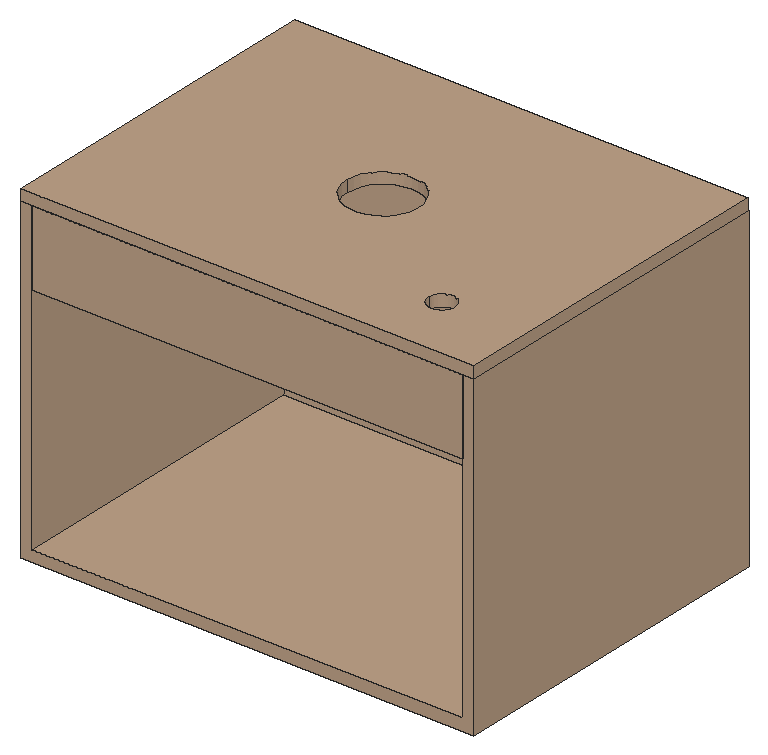
Revit family "MV0346531-Mueble-Lisboa-Plus_60cm", category Furniture, host Wall, Revit 2021
Family settings
  Host = Wall
  Always vertical = Yes
  Cut with Voids When Loaded = No
  Shared = No
  Room Calculation Point = No
Parameters (values of type "Type 1")
  Izquierda [instance] = yes
  Derecha [instance] = no
  Default Elevation = 0 mm
  Centro [instance] = no
  ALTURA [instance] = 300 mm
Reference planes
  plane 1 "Wall": y = 0
  plane 2 "Center (Left/Right)": x = 125
  plane 3 "Back": y = 75
  plane 4 "A1": z = 364.716
  plane 5 "A2": z = 64.716
Forms (mm)
  Extrusion 1, solid, material "1"
    sketch origin (125, 75, 364.716) x (-1, 0, 0) y (0, 0, 1)
      loop
        line (-300, 0) -> (300, 0) -> (300, 422.5) -> (285, 422.5) -> (285, 15) -> (-285, 15) -> (-285, 422.5) -> (-300, 422.5) -> (-300, 0)
    from 0 to 454
  Extrusion 2, solid, material "1"
    sketch origin (125, 507, 364.716) x (1, 0, 0) y (0, 0, 1)
      loop
        line (285, 422.5) -> (2.5, 422.5) -> (2.5, 15) -> (285, 15) -> (285, 422.5)
    from 0 to 15
  Extrusion 3, solid, material "1"
    sketch origin (-157.802, 507, 364.716) x (1, 0, 0) y (0, 0, 1)
      loop
        line (280.302, 422.5) -> (-2.198, 422.5) -> (-2.198, 15) -> (280.302, 15) -> (280.302, 422.5)
    from 0 to 15
  Extrusion 4, solid, material "2"
    sketch origin (-160, 75, 787.216) x (-1, 0, 0) y (0, -1, 0)
      loop
        line (-585, -454) -> (15, -454) -> (15, 0) -> (-585, 0) -> (-585, -454)
      loop
        circle (-285, -225) r 47.5
    from 0 to 15
  Extrusion 5, solid, material "1"
    sketch origin (122.5, 90, 364.716) x (1, 0, 0) y (0, 0, 1)
      loop
        line (287.5, 422.5) -> (-282.5, 422.5) -> (-282.5, 322.5) -> (287.5, 322.5) -> (287.5, 422.5)
    from 0 to 15
  Extrusion 6, solid, not visible
    sketch origin (300.986, 0, 689.636) x (1, 0, 0) y (0, 0, 1)
      loop
        line (-300, 0) -> (300, 0) -> (300, 422.5) -> (285, 422.5) -> (285, 15) -> (-285, 15) -> (-285, 422.5) -> (-300, 422.5) -> (-300, 0)
    from 0 to 454
  Extrusion 7, solid, not visible
    sketch origin (300.986, -432, 689.636) x (-1, 0, 0) y (0, 0, 1)
      loop
        line (285, 422.5) -> (2.5, 422.5) -> (2.5, 15) -> (285, 15) -> (285, 422.5)
    from 0 to 15
  Extrusion 8, solid, not visible
    sketch origin (583.789, -432, 689.636) x (-1, 0, 0) y (0, 0, 1)
      loop
        line (280.302, 422.5) -> (-2.198, 422.5) -> (-2.198, 15) -> (280.302, 15) -> (280.302, 422.5)
    from 0 to 15
  Extrusion 9, solid, not visible
    sketch origin (585.986, 0, 1112.136) x (1, 0, 0) y (0, 1, 0)
      loop
        line (-585, -454) -> (15, -454) -> (15, 0) -> (-585, 0) -> (-585, -454)
      loop
        circle (-285, -225) r 47.5
      loop
        circle (-475, -85) r 17.5
    from 0 to 15
  Extrusion 10, solid, not visible
    sketch origin (303.486, -15, 689.636) x (-1, 0, 0) y (0, 0, 1)
      loop
        line (287.5, 422.5) -> (-282.5, 422.5) -> (-282.5, 322.5) -> (287.5, 322.5) -> (287.5, 422.5)
    from 0 to 15
  Extrusion 11, solid, material "1", not visible
    sketch origin (125, 171, 322) x (-1, 0, 0) y (0, 0, 1)
      loop
        line (-300, 0) -> (300, 0) -> (300, 422.5) -> (285, 422.5) -> (285, 15) -> (-285, 15) -> (-285, 422.5) -> (-300, 422.5) -> (-300, 0)
    from 0 to 454
  Extrusion 12, solid, material "1", not visible
    sketch origin (125, 603, 322) x (1, 0, 0) y (0, 0, 1)
      loop
        line (285, 422.5) -> (2.5, 422.5) -> (2.5, 15) -> (285, 15) -> (285, 422.5)
    from 0 to 15
  Extrusion 13, solid, material "1", not visible
    sketch origin (-157.802, 603, 322) x (1, 0, 0) y (0, 0, 1)
      loop
        line (280.302, 422.5) -> (-2.198, 422.5) -> (-2.198, 15) -> (280.302, 15) -> (280.302, 422.5)
    from 0 to 15
  Extrusion 14, solid, material "2", not visible
    sketch origin (-160, 171, 744.5) x (-1, 0, 0) y (0, -1, 0)
      loop
        line (-585, -454) -> (15, -454) -> (15, 0) -> (-585, 0) -> (-585, -454)
      loop
        circle (-285, -225) r 47.5
    from 0 to 15
  Extrusion 15, solid, material "1", not visible
    sketch origin (122.5, 186, 322) x (1, 0, 0) y (0, 0, 1)
      loop
        line (287.5, 422.5) -> (-282.5, 422.5) -> (-282.5, 322.5) -> (287.5, 322.5) -> (287.5, 422.5)
    from 0 to 15
  Extrusion 16, void
    sketch origin (-160, 75, 802.216) x (0, -1, 0) y (-1, 0, 0)
      loop
        circle (-85, -475) r 17.5
    from -21.154 to 32.577
  Extrusion 17, void
    sketch origin (410, 75, 802.216) x (0, 1, 0) y (1, 0, 0)
      loop
        circle (85, -475) r 17.5
    from -21.154 to 32.577
  Extrusion 18, void
    sketch origin (-350, 75, 802.216) x (0, -1, 0) y (-1, 0, 0)
      loop
        circle (-85, -475) r 17.5
    from -21.154 to 32.577
  Extrusion 19, void, not visible
    sketch origin (-160, 171, 759.5) x (0, -1, 0) y (-1, 0, 0)
      loop
        circle (-85, -475) r 17.5
    from -21.154 to 32.577
  Extrusion 20, void, not visible
    sketch origin (410, 171, 759.5) x (0, 1, 0) y (1, 0, 0)
      loop
        circle (85, -475) r 17.5
    from -21.154 to 32.577
  Extrusion 21, void, not visible
    sketch origin (-350, 171, 759.5) x (0, -1, 0) y (-1, 0, 0)
      loop
        circle (-85, -475) r 17.5
    from -21.154 to 32.577
Cuts and joins
  Extrusion 16, Extrusion 17, Extrusion 18 cuts Extrusion 4
Text (mm)
  text "Placement Side" at (-1848.837, 1116.779, 0), in view "Ref. Level"
  text "Placement side" at (0, 1409.804, 2854.306), in view "Left"
  text "Placement side" at (0, 499.811, 2980.732), in view "Right"
Dimensions and locks
  locked: plane 3 "Back" to host wall
  host wall to host wall = 960 mm
  "ALTURA": plane 5 "A2" to plane 4 "A1"
  aligned and locked: plane 1 "Wall" to host wall
  aligned and locked: Extrusion 1 to plane 3 "Back"
  aligned and locked: Extrusion 5 to plane 3 "Back"
  aligned and locked: Extrusion 4 to plane 3 "Back"
  aligned and locked: Extrusion 1 to plane 4 "A1"
  aligned and locked: level to plane 5 "A2"
